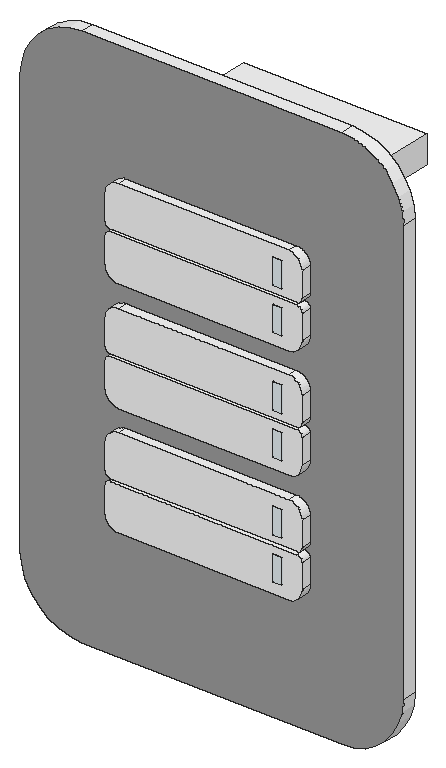
Revit family "EF_Veti-2x4-6-lever-switch-Horizontal", category Electrical Fixtures, Revit 2016
Family settings
  Maintain Annotation Orientation = No
  Part Type = Switch
  Round Connector Dimension = Use Diameter
  Work Plane-Based = No
  Always vertical = Yes
  Cut with Voids When Loaded = No
  Shared = No
  Room Calculation Point = No
Parameters (values of type "6 Lever Switch Horizontal")
  Voltage_x = 220 V
  URL for TCP = "http://www.tcpbim.co.za"
  URL = "http://www.major-tech.com/15-veti"
  Type Comments = "Switches"
  Switch Voltage = Voltage_x  # 220 V
  Switch Height [instance] = 1200 mm
  Materials [instance] = 0 mm
  Manufacturer = "VETI"
  Made by = "Tolani Civil Projects cc"
  Load = 2860 VA
  Description = "2x4 6 lever switch Horizontal"
  Amperage = 16 A
Reference planes
  plane 1 "Center (Front/Back)": y = 0
  plane 2: z = 0
  plane 3 "Center (Left/Right)": x = 0
Forms (mm)
  Extrusion 1, solid, material "Plastic White"
    sketch origin (-181.105, 75, 0) x (1, 0, 0) y (0, 0, 1)
      loop
        arc (133.605, 1400) -> (117.695, 1393.41) -> (111.105, 1377.5) r 22.5
        line (111.105, 1377.5) -> (111.105, 1222.5)
        arc (111.105, 1222.5) -> (117.695, 1206.59) -> (133.605, 1200) r 22.5
        line (133.605, 1200) -> (228.605, 1200)
        arc (228.605, 1200) -> (244.515, 1206.59) -> (251.105, 1222.5) r 22.5
        line (251.105, 1222.5) -> (251.105, 1377.5)
        arc (251.105, 1377.5) -> (244.515, 1393.41) -> (228.605, 1400) r 22.5
        line (228.605, 1400) -> (133.605, 1400)
    from 75 to 80
  Extrusion 2, solid, material "Plastic White"
    sketch origin (-181.105, 0, 0) x (-1, 0, 0) y (0, 0, 1)
      loop
        line (-214.439, 1370) -> (-214.439, 1360) -> (-147.772, 1360) -> (-147.772, 1370) -> (-214.439, 1370)
    from 0 to 51.204
Cuts and joins
  joined: Extrusion 1, Extrusion 2
Dimensions and locks
  Extrusion 1 sketch curve to Extrusion 1 sketch curve = 200 mm
  Extrusion 2 sketch curve to Extrusion 2 sketch curve to Extrusion 1 = 10 mm, 30 mm
  Extrusion 2 sketch curve to Extrusion 2 sketch curve = 66.667 mm
  cut or joined group of Extrusion 1, Extrusion 2 to cut or joined group of Extrusion 1, Extrusion 2 = 200 mm
  cut or joined group of Extrusion 1, Extrusion 2 to cut or joined group of Extrusion 1, Extrusion 2 to cut or joined group of Extrusion 1, Extrusion 2 to cut or joined group of Extrusion 1, Extrusion 2 = 30 mm locked, 10 mm locked, 160 mm locked
  cut or joined group of Extrusion 1, Extrusion 2 to cut or joined group of Extrusion 1, Extrusion 2 to cut or joined group of Extrusion 1, Extrusion 2 = 51.204 mm locked, 5 mm locked
  locked: cut or joined group of Extrusion 1, Extrusion 2 to cut or joined group of Extrusion 1, Extrusion 2 at 66.667
  locked: cut or joined group of Extrusion 1, Extrusion 2 to plane 1 "Center (Front/Back)"
  plane 3 "Center (Left/Right)" to Extrusion 1 sketch curve = 70 mm
  cut or joined group of Extrusion 1, Extrusion 2 to nested 2 to nested 4 to cut or joined group of Extrusion 1, Extrusion 2 = 42.672 mm locked, 114.328 mm locked, 43 mm locked
  locked: nested 3 to nested 4 at 8
  locked: nested 2 to nested 3 at 8
  nested 3 to nested 4 to nested 2 to plane 3 "Center (Left/Right)" = 7 mm locked, 3.5 mm locked, 25.32 mm locked
  "Switch Height": level to cut or joined group of Extrusion 1, Extrusion 2
  aligned and locked: level to plane 2
  aligned and locked: nested 1 to plane 1 "Center (Front/Back)"
Automatic sketch dimensions
  Extrusion 1 sketch curve to plane 3 "Center (Left/Right)" = 47.5 mm
  plane 3 "Center (Left/Right)" to Extrusion 1 sketch curve = 47.5 mm  (x2)
  level to Extrusion 1 sketch curve = 1200 mm
  Extrusion 1 sketch curve to Extrusion 1 sketch curve = 22.5 mm  (x2)
  Extrusion 2 sketch curve to Extrusion 1 = 36.667 mm  (x2)
Nested families
  nested 1: "Power Point Test 1" at (0, 0, 0) x (-1, 0, 0) z (0, 0, 1), type "Receptacle Symbol"
  nested 2: "Double Swith" at (-0.167, -5, 204.889), type "Double Swith"
  nested 3: "Double Swith" at (-0.167, -5, 164.113), type "Double Swith"
  nested 4: "Double Swith" at (-0.167, -5, 123.337), type "Double Swith"
Connectors
  electrical at (0, 25.602, 1370), driven by "Voltage_x", driven by "Load"
    settings: on cut or joined group of Extrusion 1, Extrusion 2, index 1, voltage 220 V, apparent load 0 VA, apparent load phase1 2860 VA, apparent load phase2 0 VA, apparent load phase3 0 VA, power factor 1, load classification "Other", number of poles 1, system type 31, power factor state 1, is connector primary yes, connector utility no, sub classification motor no, connector description ""
  electrical at (0, 25.602, 1370), driven by "Voltage_x", driven by "Load"
    settings: on cut or joined group of Extrusion 1, Extrusion 2, index 2, voltage 220 V, apparent load 0 VA, apparent load phase1 2860 VA, apparent load phase2 0 VA, apparent load phase3 0 VA, power factor 1, load classification "Other", number of poles 1, system type 31, power factor state 1, is connector primary no, connector utility no, sub classification motor no, connector description ""
  electrical at (0, 25.602, 1370), driven by "Voltage_x", driven by "Load"
    settings: on cut or joined group of Extrusion 1, Extrusion 2, index 3, voltage 220 V, apparent load 0 VA, apparent load phase1 2860 VA, apparent load phase2 0 VA, apparent load phase3 0 VA, power factor 1, load classification "Other", number of poles 1, system type 31, power factor state 1, is connector primary no, connector utility no, sub classification motor no, connector description ""
  electrical at (0, 25.602, 1370), driven by "Voltage_x", driven by "Load"
    settings: on cut or joined group of Extrusion 1, Extrusion 2, index 4, voltage 220 V, apparent load 0 VA, apparent load phase1 2860 VA, apparent load phase2 0 VA, apparent load phase3 0 VA, power factor 1, load classification "Other", number of poles 1, system type 31, power factor state 1, is connector primary no, connector utility no, sub classification motor no, connector description ""
  electrical at (0, 25.602, 1370), driven by "Voltage_x", driven by "Load"
    settings: on cut or joined group of Extrusion 1, Extrusion 2, index 5, voltage 220 V, apparent load 0 VA, apparent load phase1 2860 VA, apparent load phase2 0 VA, apparent load phase3 0 VA, power factor 1, load classification "Other", number of poles 1, system type 31, power factor state 1, is connector primary no, connector utility no, sub classification motor no, connector description ""
  electrical at (0, 25.602, 1370), driven by "Voltage_x", driven by "Load"
    settings: on cut or joined group of Extrusion 1, Extrusion 2, index 6, voltage 220 V, apparent load 0 VA, apparent load phase1 2860 VA, apparent load phase2 0 VA, apparent load phase3 0 VA, power factor 1, load classification "Other", number of poles 1, system type 31, power factor state 1, is connector primary no, connector utility no, sub classification motor no, connector description ""
Definition of nested family "Double Swith"
  Reference planes
    plane 1 "Center (Front/Back)": y = 0
    plane 2: z = 0
    plane 3 "Center (Left/Right)": x = 0
  Forms (mm)
    Extrusion 1, solid
      sketch origin (-1.754, 2.672, -0.197) x (1, 0, 0) y (0, 0, 1)
        loop
          arc (-29.234, 1152.636) -> (-32.77, 1151.171) -> (-34.234, 1147.636) r 5
          line (-34.234, 1147.636) -> (-34.234, 1138.748)
          arc (-34.234, 1138.748) -> (-33.648, 1137.333) -> (-32.234, 1136.748) r 2
          line (-32.234, 1136.748) -> (35.741, 1136.748)
          arc (35.741, 1136.748) -> (37.156, 1137.333) -> (37.741, 1138.748) r 2
          line (37.741, 1138.748) -> (37.741, 1147.636)
          arc (37.741, 1147.636) -> (36.277, 1151.171) -> (32.741, 1152.636) r 5
          line (32.741, 1152.636) -> (-29.234, 1152.636)
        loop
          line (-29.234, 1119.86) -> (32.741, 1119.86)
          arc (32.741, 1119.86) -> (36.277, 1121.324) -> (37.741, 1124.86) r 5
          line (37.741, 1124.86) -> (37.741, 1133.748)
          arc (37.741, 1133.748) -> (37.156, 1135.162) -> (35.741, 1135.748) r 2
          line (35.741, 1135.748) -> (-32.234, 1135.748)
          arc (-32.234, 1135.748) -> (-33.648, 1135.162) -> (-34.234, 1133.748) r 2
          line (-34.234, 1133.748) -> (-34.234, 1124.86)
          arc (-34.234, 1124.86) -> (-32.77, 1121.324) -> (-29.234, 1119.86) r 5
      from 6.186 to 2.672
    Extrusion 2, solid
      sketch origin (0, 0, 0) x (1, 0, 0) y (0, 0, 1)
        loop
          line (28.988, 1148.525) -> (25.488, 1148.525) -> (25.488, 1138.927) -> (28.988, 1138.927) -> (28.988, 1148.525)
      from 0 to 3.974
    Extrusion 3, solid
      sketch origin (0, 0, 2272.101) x (1, 0, 0) y (0, 0, 1)
        loop
          line (28.988, -1148.525) -> (28.988, -1139.129) -> (25.488, -1139.129) -> (25.488, -1148.525) -> (28.988, -1148.525)
      from 0 to 3.974
  Dimensions and locks
    aligned and locked: plane 2 to level
Definition of nested family "Power Point Test 1"
  Parameters
    Plug Point Height = 1200 mm
  Reference planes
    plane 1: y = 0
    plane 2: x = 0
  Lines and regions (mm)
    Filled region 1, type "Filled region 1"
      outline origin (0.028, 0.162, 0) x (1, 0, 0) y (0, 1, 0)
        loop
          circle (-0.012, 2.074) r 0.25
    detail lines
      curve 1: line (-0.442, -0.034, 0) -> (-0.442, 0.736, 0)
      curve 2: arc (1.505, 0.736, 0) -> (0.005, 2.236, 0) -> (-1.495, 0.736, 0) r 1.5
      curve 3: line (0.451, -0.034, 0) -> (0.451, 0.736, 0)
      curve 4: line (-1.495, 0.736, 0) -> (1.505, 0.736, 0)
      curve 5: line (0.005, 2.236, 0) -> (0.005, 4.904, 0)
      curve 6: line (0.005, 4.004, 0) -> (1.005, 4.004, 0)
      curve 7: line (0.005, 3.432, 0) -> (1.005, 3.432, 0)
      curve 8: line (0.005, 3.704, 0) -> (1.005, 3.704, 0)
      curve 9: line (0.005, 4.304, 0) -> (1.005, 4.304, 0)
      curve 10: line (0.005, 4.604, 0) -> (1.027, 4.604, 0)
      curve 11: line (0.005, 4.904, 0) -> (1.027, 4.904, 0)
  Text (mm)
    label "A" at (-2.189, 3.565, 0), shows "Plug Point Height"
    text "S6" at (-0.646, 1.988, 0)
  Dimensions and locks
    curve 1 to curve 3 = 0.893 mm
